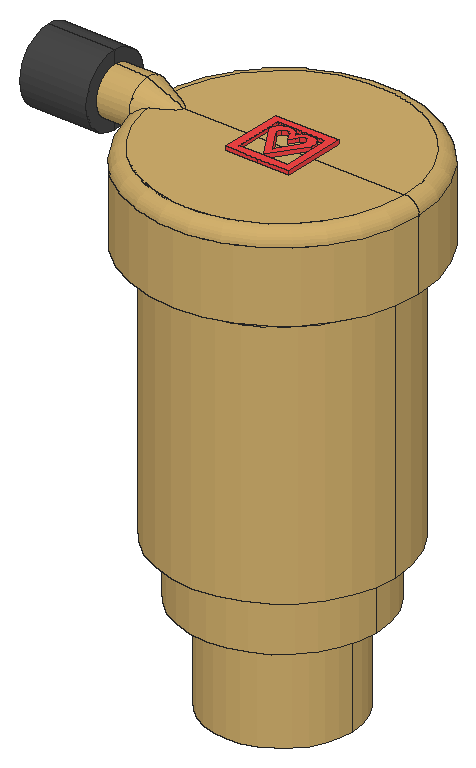
Revit family "Automatic air vents 2630 03", category Rohrzubehör, Revit 2018
Family settings
  Bemaßung runder Anschluss = Durchmesser verwenden
  Teiletyp = Normal
  OmniClass-Nummer = 23.65.55.14
  OmniClass-Titel = Valves for Liquid Services
  Arbeitsebenenbasiert = Nein
  Immer vertikal = Ja
  Beim Laden mit Abzugskörper schneiden = Nein
  Gemeinsam genutzt = Nein
Parameters
  URL = "www.herzvalves.com"
  Part number [instance] = if(Nennweite AG = 20.000 mm, 1263003, 0)  # 1263003
  Float ball = "polypropylene"  # constant formula
  SCRNSEQ = "AWI;AWI_TYP=\"1013\";1"
  SCRNCODE = "05;14;01"  # constant formula
  S04 = 11.000 mm  # constant formula
  S03 = 24.500 mm  # constant formula
  S02 = 12.500 mm  # constant formula
  S01 = 59.000 mm  # constant formula
  R01 = 2.000 mm  # constant formula
  Nennweite AG [instance] = 20.000 mm  # constant formula
  min. Operating temperature = 0 °C  # constant formula
  Medium = "heating water quality according to ÖNORM H5195 or VDI-Standard 2035.\r\nthe use of ethylene or propylene glycol in a mixing ratio 25-50% is allowed.\r\nplease refer to manufacturers documentation when using ethylene glycol products for frost and corrosion protection.\r\nthe HERZ air vent is not suitable for usage of aggressive medium (such as: acids, alkalis, combustible and explosive gases..) because it can damage the sealing components."
  max. Structual pressure = 1200000.0 Pa  # constant formula
  max. Operating temperature = 110 °C  # constant formula
  max. Operating pressure = 800000.0 Pa  # constant formula
  L04 = L00 - L01  # 24.000 mm
  L03 = 13.500 mm  # constant formula
  L02 = 4.800 mm  # constant formula
  L01 = 9.500 mm  # constant formula
  L00 = 33.500 mm  # constant formula
  Hersteller = "Herz-Armaturen GmbH"  # constant formula
  H08 = 8.000 mm  # constant formula
  H07 = 22.000 mm  # constant formula
  H06 = 14.000 mm  # constant formula
  H05 = 59.000 mm - 1.000 mm  # 58.000 mm
  H04 = H03 - D03  # 57.900 mm
  H03 = 63.000 mm  # constant formula
  H02 = 9.500 mm  # constant formula
  H01 = 12.000 mm  # constant formula
  H00 = 71.500 mm  # constant formula
  Housing = "forged brass acc. to EN 12165, CW617N "  # constant formula
  G2 [instance] = Nennweite AG / 2  # 10.000 mm
  G1 = 5.000 mm  # constant formula
  Sealing = "NBR"  # constant formula
  Lid = "forged brass acc. to EN 12165, CW617N "  # constant formula
  D06 = 13.500 mm  # constant formula
  D05 = 0.800 mm  # constant formula
  D04 = 3.400 mm  # constant formula
  D03 = 5.100 mm  # constant formula
  D02 = 19.500 mm  # constant formula
  D01 = 16.200 mm  # constant formula
  External threaded connectors = "acc. to ISO 228"  # constant formula
  Field of application = "HERZ - Air vent is used for venting of the central heating installations.\r\nthe air vent should be placed nearby the boiler or at the highest points of installation.\r\ninstallations must be carried out in such a way that the retention of air bubbles in a certain part of installation is not possible.\r\nbefore usage, unscrew the polypropylene cover cap on the lid for 2 to 3 turns.\r\nin case of uncontrolled medium leakage, tighten the cover cap.\r\nthe air vent must be cleaned or replaced.\r\nwe always recommend to use backflow preventer for easy service and replacement of the air vent."
  Adapter housing = "machined brass acc. to EN 12165, CW617N "  # constant formula
  Cover cap = "polypropylene, black colour"  # constant formula
Reference planes
  plane 1 "Mitte (Vorne/hinten)": y = 0
  plane 2: z = 0
  plane 3 "Mitte (Links/rechts)": x = 0
Forms (mm)
  Revolve 1, solid, material "Messing", detail levels fine
    sketch origin (0, 0, 0) x (1, 0, 0) y (0, 0, 1)
      loop
        line (0, -12.5) -> (0, 59) -> (-17.5, 59)
        arc (-17.5, 59) -> (-18.914, 58.414) -> (-19.5, 57) r 2
        line (-19.5, 57) -> (-19.5, 47) -> (-18.2, 47)
        arc (-18.2, 47) -> (-16.786, 46.414) -> (-16.2, 45) r 2
        line (-16.2, 45) -> (-16.2, 9.5) -> (-13.5, 9.5) -> (-13.5, 1.5) -> (-10, 1.5) -> (-10, -12.5) -> (0, -12.5)
      axis (0, 59) -> (0, -12.5)
    angle from 0 to 360
  Revolve 2, solid, material "Kunststoff - schwarz", detail levels fine
    sketch origin (0, 0, 0) x (1, 0, 0) y (0, 0, 1)
      loop
        line (-33.5, 57.9) -> (-24, 57.9) -> (-24, 63) -> (-33.5, 63) -> (-33.5, 57.9)
      axis (-33.5, 57.9) -> (-24, 57.9)
    angle from 0 to 360
  Revolve 3, solid, material "Messing", detail levels fine
    sketch origin (0, 0, 0) x (1, 0, 0) y (0, 0, 1)
      loop
        line (-24, 57.9) -> (0, 57.9) -> (0, 58.7) -> (-13.5, 58.7) -> (-19.2, 61.3) -> (-24, 61.3) -> (-24, 57.9)
      axis (-24, 57.9) -> (0, 57.9)
    angle from 0 to 360
Lines and regions (mm)
  model lines
    curve 1: line (0, 19.55, 0) -> (0, 0, 0)
  model lines, detail levels coarse+medium
    curve 2: line (0, 59, 0) -> (-11.455, 47.545, 0)
    curve 3: line (0, 59, 0) -> (11.455, 47.545, 0)
    curve 4: circle (0, 34.5, 0) r 11 normal (0, 0, 1)
    curve 5: line (0, 10, 0) -> (-11.455, 21.455, 0)
    curve 6: line (0, 10, 0) -> (11.455, 21.455, 0)
    curve 7: line (0, 59, 0) -> (0, 45.5, 0)
    curve 8: line (0, 23.5, 0) -> (0, -12.5, 0)
    curve 9: line (0, 0, 59) -> (-11.455, 0, 47.545)
    curve 10: line (0, 0, 59) -> (11.455, 0, 47.545)
    curve 11: circle (0, 0, 34.5) r 11 normal (0, -1, 0)
    curve 12: line (0, 0, 10) -> (-11.455, 0, 21.455)
    curve 13: line (0, 0, 10) -> (11.455, 0, 21.455)
    curve 14: line (0, 0, 59) -> (0, 0, 45.5)
    curve 15: line (0, 0, 23.5) -> (0, 0, -12.5)
    curve 16: line (0, 0, 59) -> (0, -11.455, 47.545)
    curve 17: line (0, 0, 59) -> (0, 11.455, 47.545)
    curve 18: circle (0, 0, 34.5) r 11 normal (1, 0, 0)
    curve 19: line (0, 0, 10) -> (0, -11.455, 21.455)
    curve 20: line (0, 0, 10) -> (0, 11.455, 21.455)
Dimensions and locks
  "D01": Revolve 1 sketch curve to Revolve 1 sketch curve
  "D02": Revolve 1 sketch curve to Revolve 1 sketch curve
  "H01": Revolve 1 sketch curve to Revolve 1 sketch curve
  "D03": Revolve 2 sketch curve to Revolve 2 sketch curve
  "L01": Revolve 2 sketch curve to Revolve 2 sketch curve
  "L00": Revolve 2 sketch curve to plane 3 "Mitte (Links/rechts)"
  "D04": Revolve 3 sketch curve to Revolve 3 sketch curve
  "L02": Revolve 3 sketch curve to Revolve 3 sketch curve
  "L03": Revolve 3 sketch curve to plane 3 "Mitte (Links/rechts)"
  "L04": Revolve 3 sketch curve to plane 3 "Mitte (Links/rechts)"
  "D05": Revolve 3 sketch curve to Revolve 3 sketch curve
  "H03": Revolve 2 sketch curve to plane 2
  "H04": Revolve 3 sketch curve to plane 2
  "H06": Revolve 1 sketch curve to Revolve 1 sketch curve
  "G2": Revolve 1 sketch curve to Revolve 1 sketch curve
  "H08": Revolve 1 sketch curve to Revolve 1 sketch curve
  "H00": Revolve 1 sketch curve to Revolve 1 sketch curve
  "S01": plane 1 "Mitte (Vorne/hinten)" to curve 7
  "S02": curve 8 to plane 1 "Mitte (Vorne/hinten)"
  "S03": curve 7 to curve 4 to curve 6
  "D01": curve 2 to curve 2
  "D01": curve 3 to curve 3
  "D01": curve 5 to curve 5
  "D01": curve 6 to curve 6
  "S01": curve 14 to plane 2
  "S02": plane 2 to curve 15
  "S03": curve 14 to curve 11 to curve 13
  "D01": curve 9 to curve 9
  "D01": curve 10 to curve 10
  "D01": curve 12 to curve 12
  "D01": curve 13 to curve 13
  "S01": curve 17 to plane 2
  "S03": curve 17 to curve 18 to curve 20
  "D01": curve 16 to curve 16
  "D01": curve 17 to curve 17
  "D01": curve 19 to curve 19
  "D01": curve 20 to curve 20
  "R01": radius of Revolve 1 sketch curve  (x2)
  "S04": radius of curve 4
  "S04": radius of curve 11
  "S04": radius of curve 18
  angle curve 2 to curve 7 = 45.00°
  angle curve 7 to curve 3 = 45.00°
  angle curve 8 to curve 5 = 45.00°
  angle curve 6 to curve 8 = 45.00°
  angle curve 9 to curve 14 = 45.00°
  angle curve 14 to curve 10 = 45.00°
  angle curve 15 to curve 12 = 45.00°
  angle curve 13 to curve 15 = 45.00°
  angle curve 16 to plane 1 "Mitte (Vorne/hinten)" = 45.00°
  angle plane 1 "Mitte (Vorne/hinten)" to curve 17 = 45.00°
  angle plane 1 "Mitte (Vorne/hinten)" to curve 19 = 45.00°
  angle curve 20 to plane 1 "Mitte (Vorne/hinten)" = 45.00°
  aligned and locked: level to plane 2
Automatic sketch dimensions
  curve 20 to plane 1 "Mitte (Vorne/hinten)" = 0.000 mm
  curve 18 to plane 1 "Mitte (Vorne/hinten)" = 0.000 mm
  curve 17 to plane 1 "Mitte (Vorne/hinten)" = 0.000 mm
  curve 10 to plane 3 "Mitte (Links/rechts)" = 0.000 mm
  curve 15 to plane 3 "Mitte (Links/rechts)" = 0.000 mm
  curve 11 to plane 3 "Mitte (Links/rechts)" = 0.000 mm
  curve 12 to plane 3 "Mitte (Links/rechts)" = 0.000 mm
  curve 2 to plane 3 "Mitte (Links/rechts)" = 0.000 mm
  plane 1 "Mitte (Vorne/hinten)" to curve 1 = 0.000 mm
  curve 1 to plane 3 "Mitte (Links/rechts)" = 0.000 mm
  curve 8 to plane 3 "Mitte (Links/rechts)" = 0.000 mm
  curve 4 to plane 3 "Mitte (Links/rechts)" = 0.000 mm
  curve 5 to plane 3 "Mitte (Links/rechts)" = 0.000 mm
  curve 1 to curve 8 = 3.950 mm
  Revolve 1 sketch curve to plane 3 "Mitte (Links/rechts)" = 0.000 mm  (x2)
  level to Revolve 1 sketch curve = 1.500 mm
  Revolve 1 sketch curve to Revolve 1 sketch curve = 3.500 mm
  Revolve 1 sketch curve to Revolve 1 sketch curve = 1987.500 mm
  Revolve 1 sketch curve to Revolve 1 sketch curve = 1937.000 mm
  Revolve 2 sketch curve to Revolve 2 sketch curve = 0.000 mm  (x3)
  Revolve 3 sketch curve to plane 3 "Mitte (Links/rechts)" = 0.000 mm
  Revolve 3 sketch curve to Revolve 3 sketch curve = 0.212 mm
  Revolve 3 sketch curve to plane 3 "Mitte (Links/rechts)" = 0.539 mm
  Revolve 3 sketch curve to Revolve 3 sketch curve = 0.000 mm
Nested families
  nested 1: "Herz-Logo" at (0, 0, 58), type "Herz-Logo", detail levels fine
Connectors
  piping at (0, 0, -12.5), diameter 20, driven by "Nennweite AG"
    settings: on Revolve 1, index 1, connector inside diameter 609.6 mm, connector length 0.000 mm, flow factor 0, pipe flow 0.0 L/s, pressure drop 0.0 Pa, fitting loss kfactor 0, connector angle 0.00°, fixture units 0, engagement length 0.000 mm, angle of deflection 0.00°, flow configuration 0, flow direction 1, fitting loss method 0, system type 29, joint type 0, gender type 0, connector reference index -1, connector utility 0, adjustable connector no, is connector primary yes, connector description ""
Definition of nested family "Herz-Logo"
  Reference planes
    plane 1 "Mitte (Vorne/hinten)": y = 0
    plane 2: z = 0
    plane 3 "Mitte (Links/rechts)": x = 0
  Forms (mm)
    Extrusion 1, solid
      sketch origin (0, 0, 0) x (1, 0, 0) y (0, 1, 0)
        loop
          line (-0.018, -4.517) -> (4.482, -4.517) -> (4.482, 4.483) -> (-4.518, 4.483) -> (-4.518, -4.517) -> (-0.018, -4.517)
        loop
          line (-0.05, -3.48) -> (3.482, -3.48) -> (3.482, 3.483) -> (-3.518, 3.483) -> (-3.518, -3.48) -> (-0.05, -3.48)
        loop
          arc (-0.018, 2.383) -> (-1.543, 3.287) -> (-3.067, 2.383) r 1.738
          arc (-3.067, 2.383) -> (-3.191, 1.899) -> (-3.067, 1.415) r 1.009
          line (-3.067, 1.415) -> (-0.018, -3.281) -> (3.032, 1.415)
          arc (3.032, 1.415) -> (3.156, 1.899) -> (3.032, 2.383) r 1.009
          arc (3.032, 2.383) -> (1.507, 3.287) -> (-0.018, 2.383) r 1.738
        loop
          arc (1.885, 1.272) -> (2.005, 1.675) -> (1.885, 2.079) r 0.74
          arc (1.885, 2.079) -> (1.265, 2.416) -> (0.644, 2.079) r 0.74
          line (0.644, 2.079) -> (-0.018, 0.97) -> (-0.679, 2.079)
          arc (-0.679, 2.079) -> (-1.3, 2.416) -> (-1.921, 2.079) r 0.74
          arc (-1.921, 2.079) -> (-2.04, 1.675) -> (-1.921, 1.272) r 0.74
          line (-1.921, 1.272) -> (-0.018, -1.658) -> (1.885, 1.272)
      from 0 to 1.5
  Dimensions and locks
    aligned and locked: level to plane 2
